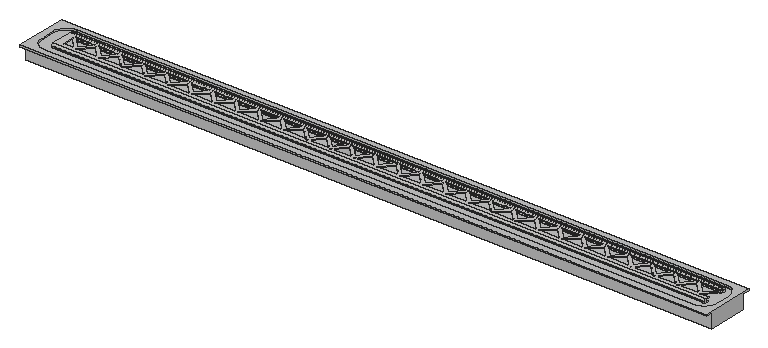
Revit family "Drain-Linear_Pyramid_Noble_FreeStyle", category Plumbing Fixtures, host Face, Revit 2014
Parameters (values of type "60in PVC")
  Weight = "10 lbs"
  URL = "www.noblecompany.com"
  Type Comments = ""
  Product Properties = "http://www.noblecompany.com/Portals/0/PRODUCT%20INFO/Product%20Descriptions/FreeStyle%20Linear%20Drain%20Product%20Decription%200410.pdf"
  Product Data = "http://www.noblecompany.com/Products/ShowerProducts/tabid/59/Default.aspx"
  Plate = Stainless Steel - Brushed
  Model = "Freestyle 60 PVC - Pyramid"
  Manufacturer Phone - Toll Free = "800-878-5788"
  Manufacturer Phone = "231-799-8000"
  Manufacturer Fax = "231-799-8850"
  Manufacturer Email = "mailto:sales@noblecompany.com"
  Manufacturer Address = "7300 Enterprise Drive, Spring Lake, MI  49456 USA"
  Manufacturer = "Noble Company"
  Installation-Fabrication = "http://www.noblecompany.com/Portals/0/PRODUCT%20INFO/Product%20Descriptions/FreeStyle%20Linear%20Drain%20Product%20Decription%200410.pdf"
  GPM = 0 GPM
  Description = "Freestyle 60 PVC - Pyramid Linear Drain"
  Building Codes = "http://www.noblecompany.com/Portals/0/TECHNICAL%20INFO/Listing_Testing_Certification_Reports/PMG-1065%20Noble%20Company%20Linear%20Drain%20final%202.pdf"
  Base = PVC
  B = 57 3/4"
  Assembly Code = "D2030300"
  A = 60"
  Default Elevation = 0"
  D = 1 5/8"
  C = 33 3/4"
Types (14): name | Model | Description | Base | B | A | D | C
  24in ABS | "Freestyle 24 ABS - Pyramid" | "Freestyle 24 ABS - Pyramid Linear Drain" | ABS | 21 3/4" | 24" | 1 1/4" | 15 3/4"
  32in ABS | "Freestyle 32 ABS - Pyramid" | "Freestyle 32 ABS - Pyramid Linear Drain" | ABS | 29 3/4" | 32" | 1 3/8" | 19 1/2"
  36in ABS | "Freestyle 36 ABS - Pyramid" | "Freestyle 36 ABS - Pyramid Linear Drain" | ABS | 33 3/4" | 36" | 1 3/8" | 21 3/4"
  40in ABS | "Freestyle 40 ABS - Pyramid" | "Freestyle 40 ABS - Pyramid Linear Drain" | ABS | 37 3/4" | 40" | 1 7/16" | 23 3/4"
  48in ABS | "Freestyle 48 ABS - Pyramid" | "Freestyle 48 ABS - Pyramid Linear Drain" | ABS | 45 3/4" | 48" | 1 1/2" | 27 3/4"
  54in ABS | "Freestyle 54 ABS - Pyramid" | "Freestyle 54 ABS - Pyramid Linear Drain" | ABS | 51 3/4" | 54" | 1 9/16" | 30 3/4"
  60in ABS | "Freestyle 60 ABS - Pyramid" | "Freestyle 60 ABS - Pyramid Linear Drain" | ABS | 57 3/4" | 60" | 1 5/8" | 33 3/4"
  24in PVC | "Freestyle 24 PVC - Pyramid" | "Freestyle 24 PVC - Pyramid Linear Drain" | PVC | 21 3/4" | 24" | 1 1/4" | 15 3/4"
  32in PVC | "Freestyle 32 PVC - Pyramid" | "Freestyle 32 PVC - Pyramid Linear Drain" | PVC | 29 3/4" | 32" | 1 3/8" | 19 1/2"
  36in PVC | "Freestyle 36 PVC - Pyramid" | "Freestyle 36 PVC - Pyramid Linear Drain" | PVC | 33 3/4" | 36" | 1 3/8" | 21 3/4"
  40in PVC | "Freestyle 40 PVC - Pyramid" | "Freestyle 40 PVC - Pyramid Linear Drain" | PVC | 37 3/4" | 40" | 1 7/16" | 23 3/4"
  48in PVC | "Freestyle 48 PVC - Pyramid" | "Freestyle 48 PVC - Pyramid Linear Drain" | PVC | 45 3/4" | 48" | 1 1/2" | 27 3/4"
  54in PVC | "Freestyle 54 PVC - Pyramid" | "Freestyle 54 PVC - Pyramid Linear Drain" | PVC | 51 3/4" | 54" | 1 9/16" | 30 3/4"
  60in PVC | "Freestyle 60 PVC - Pyramid" | "Freestyle 60 PVC - Pyramid Linear Drain" | PVC | 57 3/4" | 60" | 1 5/8" | 33 3/4"
Reference planes (in)
  plane 1 "Center (Front/Back)": y = 0
  plane 2: z = 0
  plane 3 "Center (Left/Right)": x = 0
  plane 4: z = -1.625
  plane 5: z = -4.05899
  plane 6: z = -1.625
  plane 7: y = 1.6875
  plane 8: y = -1.6875
  plane 9: z = -0.375
  plane 10: y = 2.25
  plane 11: y = -2.25
  plane 12: z = -0.3125
  plane 13: x = 30
  plane 14: x = -30
  plane 15: x = 28.875
  plane 16: x = -3.75
  plane 17: x = -28.875
  plane 18: z = -0.125
Forms (in)
  Extrusion 1, void, detail levels medium+fine
    sketch origin (0, 0, 0) x (1, 0, 0) y (0, 1, 0)
      loop
        circle (-3.75, 0) r 1
    from -60 to 34.55449
  Extrusion 2, solid, material "PVC" <- "Base", detail levels medium+fine
    sketch origin (10.05986, 0, 0) x (0, 1, 0) y (0, 0, 1)
      loop
        line (2.25, -0.375) -> (2.25, -0.25) -> (-2.25, -0.25) -> (-2.25, -0.375) -> (-1.6875, -0.375) -> (-1.6875, -1.625) -> (1.6875, -1.625) -> (1.6875, -0.375) -> (2.25, -0.375)
    from -40.05986 to 19.94014
  Extrusion 3, void
    sketch origin (10.05986, 0, 0) x (1, 0, 0) y (0, 1, 0)
      loop
        arc (-38.37906, 1.769) -> (-39.18512, 1.43512) -> (-39.519, 0.62906) r 1.13994
        line (-39.519, 0.62906) -> (-39.519, -0.63005)
        arc (-39.519, -0.63005) -> (-39.18541, -1.43541) -> (-38.38005, -1.769) r 1.13895
        line (-38.38005, -1.769) -> (18.37931, -1.769)
        arc (18.37931, -1.769) -> (19.18519, -1.43519) -> (19.519, -0.62931) r 1.13969
        line (19.519, -0.62931) -> (19.519, 0.62118)
        arc (19.519, 0.62118) -> (19.18281, 1.43281) -> (18.37118, 1.769) r 1.14782
        line (18.37118, 1.769) -> (-38.37906, 1.769)
    from -0.375 to 0
  Extrusion 4, void
    sketch origin (0, 0, 0) x (1, 0, 0) y (0, 1, 0)
      loop
        line (29, 1.269) -> (-29, 1.269) -> (-29, -1.269) -> (29, -1.269) -> (29, 1.269)
    from -0.125 to 0
  Extrusion 5, void, detail levels fine
    sketch origin (0, 0, 0) x (0, 1, 0) y (0, 0, 1)
      loop
        line (2.25, -0.375) -> (2.25, -0.125) -> (-2.25, -0.125) -> (-2.25, -0.375) -> (-1.6875, -0.375) -> (-1.6875, -1.625) -> (1.6875, -1.625) -> (1.6875, -0.375) -> (2.25, -0.375)
    from -30 to 30
Cuts and joins
  Extrusion 1, Extrusion 3 cuts Extrusion 2
Lines and regions (in)
  model lines, detail levels coarse+medium
    curve 1: line (-3.75, 0, 0) -> (-3.75, 0, -1.625)
  model lines, style "PlumbingFixtures", detail levels coarse
    curve 2: line (-30, 2.25, 0) -> (-30, -2.25, 0)
    curve 3: line (-30, 2.25, 0) -> (30, 2.25, 0)
    curve 4: line (30, 2.25, 0) -> (30, -2.25, 0)
    curve 5: line (-30, -2.25, 0) -> (30, -2.25, 0)
    curve 6: line (30, 0, 0) -> (-30, 0, 0)
Dimensions and locks (in)
  "D": plane 2 to plane 4
  locked: plane 4 to plane 5 at 2.43399
  "D": plane 6 to level
  equal spacing: plane 7, plane 1 "Center (Front/Back)", plane 8, locked at 1.6875 each
  locked: plane 9 to level at 0.375
  plane 7 to plane 8 = 3 3/8"
  locked: plane 10 to plane 7 at 0.5625
  locked: plane 8 to plane 11 at 0.5625
  "A": plane 14 to plane 13
  locked: plane 15 to plane 13 at 1.125
  "C": plane 16 to plane 13
  locked: plane 14 to plane 17 at 1.125
  locked: Extrusion 3 sketch curve to plane 13 at 0.42114
  locked: plane 14 to Extrusion 3 sketch curve at 0.54086
  equal spacing: plane 14, plane 3 "Center (Left/Right)", plane 13
  locked: plane 9 to plane 12 at 0.0625
  locked: level to plane 18 at 0.125
  level to Extrusion 2 sketch curve = 1/4"
  locked: plane 15 to Extrusion 4 sketch curve at 0.125
  locked: Extrusion 4 sketch curve to plane 17 at 0.125
  radius of Extrusion 1 sketch curve = 1"
  aligned and locked: plane 2 to host face
  aligned and locked: level to host face
  aligned and locked: plane 1 "Center (Front/Back)" to Extrusion 1 sketch curve
  aligned and locked: plane 13 to Extrusion 2
  aligned and locked: plane 16 to Extrusion 1 sketch curve
  aligned and locked: plane 10 to Extrusion 5 sketch curve
  aligned and locked: plane 9 to Extrusion 5 sketch curve
  aligned and locked: plane 7 to Extrusion 5 sketch curve
  aligned and locked: plane 4 to Extrusion 5 sketch curve
  aligned and locked: plane 11 to Extrusion 5 sketch curve
  aligned and locked: Extrusion 5 sketch curve to plane 8
  aligned and locked: Extrusion 5 to plane 14
  aligned and locked: plane 13 to Extrusion 5
  aligned and locked: curve 6 to plane 1 "Center (Front/Back)"
  aligned and locked: plane 14 to curve 6
  aligned and locked: plane 13 to curve 6
  aligned and locked: curve 1 to plane 16
  aligned and locked: level to curve 1
  aligned and locked: plane 6 to curve 1
  aligned and locked: Extrusion 2 to plane 14
  aligned and locked: plane 3 "Center (Left/Right)" to nested 1
  aligned and locked: plane 1 "Center (Front/Back)" to nested 1
  aligned and locked: plane 12 to nested 1
  aligned and locked: plane 9 to Extrusion 3
  aligned and locked: Extrusion 4 to plane 18
  aligned and locked: level to Extrusion 4
Automatic sketch dimensions
  host sketch curve to host sketch curve = 48 1/4"
  host sketch curve to host sketch curve = 96"
  plane 9 to Extrusion 2 sketch curve = 0"  (x2)
  Extrusion 2 sketch curve to plane 11 = 0"
  Extrusion 2 sketch curve to plane 4 = 0"
  Extrusion 2 sketch curve to plane 8 = 0"
  Extrusion 2 sketch curve to plane 7 = 0"
  Extrusion 2 sketch curve to plane 10 = 0"
  Extrusion 3 sketch curve to plane 8 = 0.0815"
  plane 17 to Extrusion 3 sketch curve = 0.55481"
  Extrusion 3 sketch curve to plane 7 = 0.0815"
  plane 17 to Extrusion 3 sketch curve = 0.5558"
  Extrusion 3 sketch curve to plane 15 = 0.44396"
  Extrusion 3 sketch curve to plane 15 = 0.43583"
  curve 2 to plane 10 = 0"
  curve 5 to plane 11 = 0"
  plane 9 to Extrusion 5 sketch curve = 0"
  Extrusion 5 sketch curve to plane 18 = 0"
  plane 8 to Extrusion 4 sketch curve = 0.4185"
  plane 7 to Extrusion 4 sketch curve = 0.4185"
Nested families (in)
  nested 1: "Strainer" at (-12.24848, 0, -0.3125), type "24"", detail levels fine
    with Strainer Length 57 3/4"
Connectors (in)
  piping at (-3.75, 0, -1.625), diameter 2, driven by "GPM"
    settings: on cut or joined group of Extrusion 1, Extrusion 2, Extrusion 3, index 1, connector inside diameter 2", connector length 0", flow factor 0, pipe flow 0 GPM, pressure drop 0.00 psi, fitting loss kfactor 0, connector angle 0.00°, fixture units 0, engagement length 0", angle of deflection 0.00°, flow configuration 0, flow direction 2, fitting loss method 0, system type 16, joint type 0, gender type 0, connector reference index -1, connector utility 0, adjustable connector no, is connector primary yes, connector description ""
Definition of nested family "Strainer"
  Parameters (values of type "24"")
    Strainer Width = 2 1/4"
    Strainer Height = 5/16"
    Strainer Length = 26 1/4"
    Strainer Finish = Stainless Steel - Brushed
  Reference planes (in)
    plane 1 "Center (Front/Back)": y = 0
    plane 2: z = 0
    plane 3 "Center (Left/Right)": x = 12.24848
    plane 4: y = 1.125
    plane 5: y = -1.125
    plane 6: x = 42.24848
    plane 7: x = -17.75152
    plane 8: z = 0.3125
    plane 9: x = -0.87652
    plane 10: x = 25.37348
  Forms (in)
    Extrusion 1, solid, material "Stainless Steel - Brushed" <- "Strainer Finish", detail levels medium+fine
      sketch origin (0, 0, 0) x (1, 0, 0) y (0, 1, 0)
        loop
          line (-15.87652, 1.1245) -> (-15.87652, -1.1245) -> (41.87348, -1.1245) -> (41.87348, 1.1245) -> (-15.87652, 1.1245)
        loop
          line (38.33086, -0.625) -> (40.20315, -0.625) -> (39.267, 0.375) -> (38.33086, -0.625)
        loop
          line (36.3102, -0.625) -> (38.18249, -0.625) -> (37.24635, 0.375) -> (36.3102, -0.625)
        loop
          line (39.20438, 0.63946) -> (37.33209, 0.63946) -> (38.26824, -0.36054) -> (39.20438, 0.63946)
        loop
          line (34.28955, -0.625) -> (36.16184, -0.625) -> (35.22569, 0.375) -> (34.28955, -0.625)
        loop
          line (37.18372, 0.63946) -> (35.31144, 0.63946) -> (36.24758, -0.36054) -> (37.18372, 0.63946)
        loop
          line (32.26889, -0.625) -> (34.14118, -0.625) -> (33.20504, 0.375) -> (32.26889, -0.625)
        loop
          line (35.16307, 0.63946) -> (33.29078, 0.63946) -> (34.22693, -0.36054) -> (35.16307, 0.63946)
        loop
          line (30.24824, -0.625) -> (32.12052, -0.625) -> (31.18438, 0.375) -> (30.24824, -0.625)
        loop
          line (33.14241, 0.63946) -> (31.27013, 0.63946) -> (32.20627, -0.36054) -> (33.14241, 0.63946)
        loop
          line (28.22758, -0.625) -> (30.09987, -0.625) -> (29.16372, 0.375) -> (28.22758, -0.625)
        loop
          line (31.12176, 0.63946) -> (29.24947, 0.63946) -> (30.18561, -0.36054) -> (31.12176, 0.63946)
        loop
          line (26.20692, -0.625) -> (28.07921, -0.625) -> (27.14307, 0.375) -> (26.20692, -0.625)
        loop
          line (29.1011, 0.63946) -> (27.22881, 0.63946) -> (28.16496, -0.36054) -> (29.1011, 0.63946)
        loop
          line (24.18627, -0.625) -> (26.05856, -0.625) -> (25.12241, 0.375) -> (24.18627, -0.625)
        loop
          line (27.08045, 0.63946) -> (25.20816, 0.63946) -> (26.1443, -0.36054) -> (27.08045, 0.63946)
        loop
          line (22.16561, -0.625) -> (24.0379, -0.625) -> (23.10176, 0.375) -> (22.16561, -0.625)
        loop
          line (25.05979, 0.63946) -> (23.1875, 0.63946) -> (24.12365, -0.36054) -> (25.05979, 0.63946)
        loop
          line (20.14496, -0.625) -> (22.01725, -0.625) -> (21.0811, 0.375) -> (20.14496, -0.625)
        loop
          line (23.03914, 0.63946) -> (21.16685, 0.63946) -> (22.10299, -0.36054) -> (23.03914, 0.63946)
        loop
          line (18.1243, -0.625) -> (19.99659, -0.625) -> (19.06045, 0.375) -> (18.1243, -0.625)
        loop
          line (21.01848, 0.63946) -> (19.14619, 0.63946) -> (20.08234, -0.36054) -> (21.01848, 0.63946)
        loop
          line (16.10365, -0.625) -> (17.97594, -0.625) -> (17.03979, 0.375) -> (16.10365, -0.625)
        loop
          line (18.99783, 0.63946) -> (17.12554, 0.63946) -> (18.06168, -0.36054) -> (18.99783, 0.63946)
        loop
          line (14.08299, -0.625) -> (15.95528, -0.625) -> (15.01914, 0.375) -> (14.08299, -0.625)
        loop
          line (16.97717, 0.63946) -> (15.10488, 0.63946) -> (16.04103, -0.36054) -> (16.97717, 0.63946)
        loop
          line (12.06234, -0.625) -> (13.93462, -0.625) -> (12.99848, 0.375) -> (12.06234, -0.625)
        loop
          line (14.95651, 0.63946) -> (13.08423, 0.63946) -> (14.02037, -0.36054) -> (14.95651, 0.63946)
        loop
          line (40.35151, -0.625) -> (41.28766, -0.625) -> (41.28766, 0.375) -> (40.35151, -0.625)
        loop
          line (41.22504, 0.63946) -> (39.35275, 0.63946) -> (40.28889, -0.36054) -> (41.22504, 0.63946)
        loop
          line (-12.3339, -0.625) -> (-13.27004, 0.375) -> (-14.20619, -0.625) -> (-12.3339, -0.625)
        loop
          line (-10.31324, -0.625) -> (-11.24939, 0.375) -> (-12.18553, -0.625) -> (-10.31324, -0.625)
        loop
          line (-13.20742, 0.63946) -> (-12.27128, -0.36054) -> (-11.33513, 0.63946) -> (-13.20742, 0.63946)
        loop
          line (-8.29259, -0.625) -> (-9.22873, 0.375) -> (-10.16488, -0.625) -> (-8.29259, -0.625)
        loop
          line (-11.18677, 0.63946) -> (-10.25062, -0.36054) -> (-9.31448, 0.63946) -> (-11.18677, 0.63946)
        loop
          line (-6.27193, -0.625) -> (-7.20808, 0.375) -> (-8.14422, -0.625) -> (-6.27193, -0.625)
        loop
          line (-9.16611, 0.63946) -> (-8.22997, -0.36054) -> (-7.29382, 0.63946) -> (-9.16611, 0.63946)
        loop
          line (-4.25128, -0.625) -> (-5.18742, 0.375) -> (-6.12356, -0.625) -> (-4.25128, -0.625)
        loop
          line (-7.14545, 0.63946) -> (-6.20931, -0.36054) -> (-5.27317, 0.63946) -> (-7.14545, 0.63946)
        loop
          line (-2.23062, -0.625) -> (-3.16676, 0.375) -> (-4.10291, -0.625) -> (-2.23062, -0.625)
        loop
          line (-5.1248, 0.63946) -> (-4.18865, -0.36054) -> (-3.25251, 0.63946) -> (-5.1248, 0.63946)
        loop
          line (-0.20996, -0.625) -> (-1.14611, 0.375) -> (-2.08225, -0.625) -> (-0.20996, -0.625)
        loop
          line (-3.10414, 0.63946) -> (-2.168, -0.36054) -> (-1.23185, 0.63946) -> (-3.10414, 0.63946)
        loop
          line (1.81069, -0.625) -> (0.87455, 0.375) -> (-0.0616, -0.625) -> (1.81069, -0.625)
        loop
          line (-1.08349, 0.63946) -> (-0.14734, -0.36054) -> (0.7888, 0.63946) -> (-1.08349, 0.63946)
        loop
          line (3.83135, -0.625) -> (2.8952, 0.375) -> (1.95906, -0.625) -> (3.83135, -0.625)
        loop
          line (0.93717, 0.63946) -> (1.87331, -0.36054) -> (2.80946, 0.63946) -> (0.93717, 0.63946)
        loop
          line (5.852, -0.625) -> (4.91586, 0.375) -> (3.97971, -0.625) -> (5.852, -0.625)
        loop
          line (2.95782, 0.63946) -> (3.89397, -0.36054) -> (4.83011, 0.63946) -> (2.95782, 0.63946)
        loop
          line (7.87266, -0.625) -> (6.93651, 0.375) -> (6.00037, -0.625) -> (7.87266, -0.625)
        loop
          line (4.97848, 0.63946) -> (5.91462, -0.36054) -> (6.85077, 0.63946) -> (4.97848, 0.63946)
        loop
          line (9.89331, -0.625) -> (8.95717, 0.375) -> (8.02102, -0.625) -> (9.89331, -0.625)
        loop
          line (6.99913, 0.63946) -> (7.93528, -0.36054) -> (8.87142, 0.63946) -> (6.99913, 0.63946)
        loop
          line (11.91397, -0.625) -> (10.97782, 0.375) -> (10.04168, -0.625) -> (11.91397, -0.625)
        loop
          line (9.01979, 0.63946) -> (9.95593, -0.36054) -> (10.89208, 0.63946) -> (9.01979, 0.63946)
        loop
          line (11.04045, 0.63946) -> (11.97659, -0.36054) -> (12.91273, 0.63946) -> (11.04045, 0.63946)
        loop
          line (-14.35455, -0.625) -> (-15.2907, 0.375) -> (-15.2907, -0.625) -> (-14.35455, -0.625)
        loop
          line (-15.22808, 0.63946) -> (-14.29193, -0.36054) -> (-13.35579, 0.63946) -> (-15.22808, 0.63946)
      from 0 to 0.3125
    Extrusion 2, void
      sketch origin (12.24848, 0, 0) x (0, 1, 0) y (0, 0, 1)
        loop
          line (1.1245, 0.3125) -> (0.9995, 0.3125)
          arc (0.9995, 0.3125) -> (1.08789, 0.27589) -> (1.1245, 0.1875) r 0.125
          line (1.1245, 0.1875) -> (1.1245, 0.3125)
        loop
          line (-1.1245, 0.3125) -> (-1.1245, 0.1875)
          arc (-1.1245, 0.1875) -> (-1.08789, 0.27589) -> (-0.9995, 0.3125) r 0.125
          line (-0.9995, 0.3125) -> (-1.1245, 0.3125)
        loop
          line (1.1245, 0) -> (1.1245, 0.125)
          arc (1.1245, 0.125) -> (1.08789, 0.03661) -> (0.9995, 0) r 0.125
          line (0.9995, 0) -> (1.1245, 0)
        loop
          line (-1.1245, 0) -> (-0.9995, 0)
          arc (-0.9995, 0) -> (-1.08789, 0.03661) -> (-1.1245, 0.125) r 0.125
          line (-1.1245, 0.125) -> (-1.1245, 0)
        loop
          line (-0.75, 0) -> (0.75, 0) -> (0.75, 0.0625) -> (0.9995, 0.0625)
          arc (0.9995, 0.0625) -> (1.06302, 0.15625) -> (0.9995, 0.25) r 0.10095
          line (0.9995, 0.25) -> (-0.9995, 0.25)
          arc (-0.9995, 0.25) -> (-1.06302, 0.15625) -> (-0.9995, 0.0625) r 0.10095
          line (-0.9995, 0.0625) -> (-0.75, 0.0625) -> (-0.75, 0)
      from -30 to 30
    Extrusion 3, void
      sketch origin (0, 0, 0) x (1, 0, 0) y (0, 1, 0)
        loop
          line (-17.75152, 1.25) -> (-17.75152, -1.25) -> (-0.87652, -1.25) -> (-0.87652, 1.25) -> (-17.75152, 1.25)
        loop
          line (25.37348, 1.25) -> (25.37348, -1.25) -> (42.24848, -1.25) -> (42.24848, 1.25) -> (25.37348, 1.25)
      from 0 to 0.3125
  Cuts and joins
    Extrusion 2, Extrusion 3 cuts Extrusion 1
  Dimensions and locks (in)
    locked: Extrusion 1 sketch curve to Extrusion 1 sketch curve at 57.75
    equal spacing: plane 5, plane 1 "Center (Front/Back)", plane 4
    "Strainer Width": plane 4 to plane 5
    "Strainer Height": plane 8 to level
    Extrusion 2 to level = 5/16"
    plane 7 to plane 3 "Center (Left/Right)" to plane 6 = 30" locked, 30" locked
    Extrusion 3 sketch curve to plane 1 "Center (Front/Back)" to Extrusion 3 sketch curve = 1 1/4" locked, 1 1/4" locked  (x2)
    "Strainer Length": plane 9 to plane 10
    equal spacing: plane 9, plane 3 "Center (Left/Right)", plane 10
    aligned and locked: plane 8 to Extrusion 1
    aligned and locked: Extrusion 2 to plane 7
    aligned and locked: plane 6 to Extrusion 2
    aligned and locked: plane 7 to Extrusion 3 sketch curve
    aligned and locked: Extrusion 3 sketch curve to plane 6
    aligned and locked: plane 8 to cut or joined group of Extrusion 1, Extrusion 2, Extrusion 3
    aligned and locked: cut or joined group of Extrusion 1, Extrusion 2, Extrusion 3 to plane 10
    aligned and locked: plane 9 to cut or joined group of Extrusion 1, Extrusion 2, Extrusion 3
  Automatic sketch dimensions
    Extrusion 2 sketch curve to plane 8 = 0"  (x2)
    Extrusion 2 sketch curve to level = 0"  (x3)
    plane 5 to Extrusion 2 sketch curve = 0.0005"  (x2)
    Extrusion 2 sketch curve to Extrusion 2 sketch curve = 1/8"  (x2)
    Extrusion 2 sketch curve to Extrusion 2 sketch curve = 0"  (x4)
    Extrusion 2 sketch curve to Extrusion 2 sketch curve = 0.03743"  (x3)
    level to Extrusion 2 sketch curve = 1/16"  (x2)
    Extrusion 2 sketch curve to Extrusion 2 sketch curve = 0.21207"
    Extrusion 2 sketch curve to plane 4 = 3/8"
    Extrusion 2 sketch curve to plane 4 = 0.16293"
    Extrusion 2 sketch curve to plane 4 = 0.0005"  (x2)
    Extrusion 2 sketch curve to Extrusion 2 sketch curve = 1/32"
    Extrusion 3 sketch curve to plane 6 = 16 7/8"
    Extrusion 3 sketch curve to Extrusion 3 sketch curve = 16 7/8"
    plane 3 "Center (Left/Right)" to Extrusion 1 sketch curve = 3/4"
    plane 3 "Center (Left/Right)" to Extrusion 1 sketch curve = 0.66425"
    Extrusion 1 sketch curve to plane 3 "Center (Left/Right)" = 0.18614"
    plane 1 "Center (Front/Back)" to Extrusion 1 sketch curve = 0.36054"  (x28)
    Extrusion 1 sketch curve to Extrusion 1 sketch curve = 0.08575"  (x28)
    Extrusion 1 sketch curve to Extrusion 1 sketch curve = 0.14837"  (x54)
    Extrusion 1 sketch curve to plane 4 = 0.48554"  (x28)
    Extrusion 1 sketch curve to Extrusion 1 sketch curve = 0.93614"  (x54)
    Extrusion 1 sketch curve to plane 1 "Center (Front/Back)" = 3/8"  (x26)
    Extrusion 1 sketch curve to Extrusion 1 sketch curve = 0.06262"  (x26)
    plane 5 to Extrusion 1 sketch curve = 1/2"  (x28)
    Extrusion 1 sketch curve to plane 4 = 0.0005"
    Extrusion 1 sketch curve to Extrusion 1 sketch curve = 1.58459"
    Extrusion 1 sketch curve to Extrusion 1 sketch curve = 83/128"
    Extrusion 1 sketch curve to Extrusion 1 sketch curve = 0.58582"
    plane 3 "Center (Left/Right)" to Extrusion 1 sketch curve = 0.83575"
    plane 3 "Center (Left/Right)" to Extrusion 1 sketch curve = 1.68614"
    plane 5 to Extrusion 1 sketch curve = 0.0005"
    Extrusion 1 sketch curve to Extrusion 1 sketch curve = 0"
    Extrusion 1 sketch curve to Extrusion 1 sketch curve = 0.26446"  (x3)
